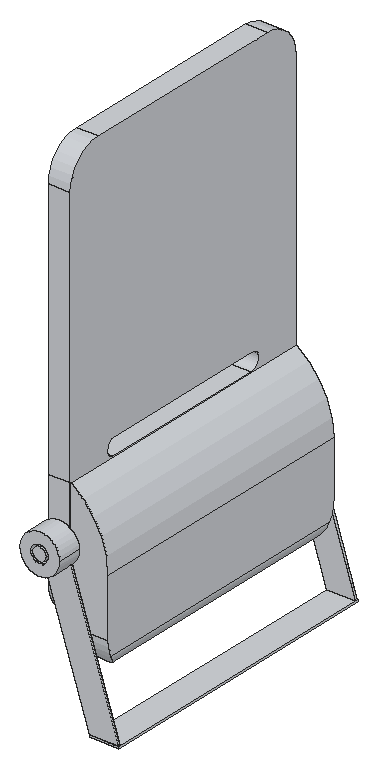
Revit family "2824071", category Generic Models, host Face, Revit 2018
Family settings
  Host = Face
  Can host rebar = No
  Round Connector Dimension = Use Diameter
  Part Type = Normal
  OmniClass Number = 23.80.70.00
  OmniClass Title = Lighting
  Cut with Voids When Loaded = No
  Shared = No
  Room Calculation Point = No
Parameters (values of type "Type Name")
  rotation axis = 142.4 mm
  bracket width = 288 mm
  URL = "http://www.sylvania-lighting.com"
  Type Image = <None>
  Type Comments = "n/a"
  Material_3_SYL = none
  Model = ""
  Manufacturer = "Feilo Sylvania"
  Keynote = ""
  Material_2_SYL = none
  Height = 157.859 mm
  Description = ""
  Default Elevation = 1219.2 mm
  Cost = 0
  Material_1_SYL = none
  Bracket Height = 195 mm
  Assembly Code = ""
  Material_4_SYL = none
Reference planes
  plane 1 "Center (Front/Back)": y = 0
  plane 2: z = 0
  plane 3 "Center (Left/Right)": x = 0
  plane 4: x = -16.5
  plane 5: x = 16.5
  plane 6: z = 155
  plane 7: x = -51.5
  plane 8: z = 137
  plane 9 "Rotation Axis": z = 142.4
  plane 10: z = 152.35
  plane 11: z = 195
  plane 12: x = -73.847
  plane 13: y = -187
  plane 14: y = 187
  plane 15: y = -160
  plane 16: y = 169
  plane 17: y = -169
  plane 18: through (-72.693, -4572, 174.07) normal (-0.3105, 0, 0.9506)
  plane 19: through (-63.557, -4572, 193.954) normal (0.9506, 0, 0.3105)
  plane 20: y = 162
  plane 21: z = 65
Forms (mm)
  Extrusion 1, solid, detail levels medium+fine
    sketch origin (0, 0, 0) x (1, 0, 0) y (0, 1, 0)
      loop
        line (-16.5, 169) -> (-16.5, -169) -> (16.5, -169) -> (16.5, 169) -> (-16.5, 169)
    from 0 to 2
  Extrusion 2, solid, detail levels medium+fine
    sketch origin (1524, -349.9, 1220.035) x (1, 0, 0) y (0, 0, 1)
      loop
        line (-1540.496, -1218.035) -> (-1507.966, -1218.035) -> (-1567.674, -1035.217)
        arc (-1567.674, -1035.217) -> (-1587.557, -1026.081) -> (-1596.693, -1045.965) r 15.473
        line (-1596.693, -1045.965) -> (-1540.496, -1218.035)
    from -180.9 to -182.9
  Extrusion 3, solid, detail levels medium+fine
    sketch origin (0, 0, 0.069) x (1, 0, 0) y (0, 0, 1)
      loop
        line (-16.39, 1.931) -> (16.139, 1.931) -> (-43.636, 184.958)
        arc (-43.636, 184.958) -> (-63.457, 193.922) -> (-72.656, 174.21) r 15.474
        line (-72.656, 174.21) -> (-16.39, 1.931)
    from -169 to -167
  Extrusion 4, solid, detail levels medium+fine
    sketch origin (-6.388, 0, 36.204) x (1, 0, 0) y (0, 0, 1)
      loop
        circle (-51.99, 142.374) r 22.5
    from -162 to -187
  Extrusion 5, solid, detail levels medium+fine
    sketch origin (-6.358, 0, 36.195) x (1, 0, 0) y (0, 0, 1)
      loop
        circle (-51.99, 142.374) r 22.5
    from 160 to 187
  Extrusion 6, void
    sketch origin (-6.256, 0, 44.074) x (1, 0, 0) y (0, 0, 1)
      loop
        circle (-52.373, 134.652) r 10
    from 169 to 187
  Extrusion 7, solid, detail levels fine
    sketch origin (-6.561, 0, 36.201) x (1, 0, 0) y (0, 0, 1)
      loop
        circle (-51.99, 142.374) r 7.5
    from 169 to 187
  Extrusion 8, void
    sketch origin (1517.357, -324.9, 1255.472) x (1, 0, 0) y (0, 0, 1)
      loop
        circle (-1575.99, -1076.826) r 10
    from -511.9 to -493.9
  Extrusion 9, solid, detail levels fine
    sketch origin (1517.42, -324.9, 1255.374) x (1, 0, 0) y (0, 0, 1)
      loop
        circle (-1575.99, -1076.826) r 7.5
    from -511.9 to -493.9
  Revolve 10, solid, not visible, detail levels coarse
    sketch origin (-58.257, 1528.788, 1255.151) x (0, 1, 0) y (0, 0, 1)
      loop
        line (-1362.428, -1054.349) -> (-1379.437, -1054.349) -> (-1379.437, -1074.349) -> (-1362.428, -1074.349) -> (-1362.428, -1054.349)
      axis (-1362.428, -1076.8) -> (-1379.437, -1076.8)
    angle from 0 to 180
Cuts and joins
  Extrusion 6 cuts Extrusion 5
  Extrusion 8 cuts Extrusion 4
Dimensions and locks
  "Bracket Height": plane 11 to level
  plane 17 to plane 16 = 338 mm
  equal spacing: plane 17, plane 1 "Center (Front/Back)", plane 16
  plane 13 to cut or joined group of Extrusion 5, Extrusion 6 = 18 mm
  aligned and locked: plane 2 to host face
  aligned and locked: level to host face
Automatic sketch dimensions
  host sketch curve to host sketch curve = 2438.4 mm  (x2)
  Extrusion 1 sketch curve to plane 4 = 0 mm
  Extrusion 1 sketch curve to plane 5 = 0 mm
  Extrusion 4 sketch curve to plane 9 "Rotation Axis" = 36.178 mm
  Extrusion 5 sketch curve to plane 9 "Rotation Axis" = 36.169 mm
  Extrusion 6 sketch curve to plane 9 "Rotation Axis" = 36.326 mm
  Extrusion 7 sketch curve to plane 9 "Rotation Axis" = 36.175 mm
  Extrusion 8 sketch curve to plane 9 "Rotation Axis" = 36.246 mm
  Extrusion 9 sketch curve to plane 9 "Rotation Axis" = 36.148 mm
  Revolve 10 sketch curve to plane 9 "Rotation Axis" = 35.951 mm
  Revolve 10 sketch curve to Revolve 10 sketch curve = 17.009 mm
  Revolve 10 sketch curve to plane 9 "Rotation Axis" = 38.402 mm
  plane 6 to Revolve 10 sketch curve = 45.802 mm
  Revolve 10 sketch curve to Revolve 10 sketch curve = 62.43 mm
  Revolve 10 sketch curve to Revolve 10 sketch curve = 22.367 mm
  plane 12 to Extrusion 2 sketch curve = 1.154 mm
  plane 7 to Extrusion 2 sketch curve = 6.684 mm
  Extrusion 2 sketch curve to plane 7 = 7.826 mm
  plane 4 to Extrusion 2 sketch curve = 0.004 mm
  level to Extrusion 2 sketch curve = 2 mm
  plane 6 to Extrusion 2 sketch curve = 19.07 mm
  Extrusion 2 sketch curve to Extrusion 2 sketch curve = 5.374 mm
  Extrusion 2 sketch curve to plane 5 = 0.466 mm
  plane 12 to Extrusion 3 sketch curve = 1.191 mm
  plane 7 to Extrusion 3 sketch curve = 6.582 mm
  Extrusion 3 sketch curve to plane 7 = 7.864 mm
  plane 4 to Extrusion 3 sketch curve = 0.11 mm
  Extrusion 3 sketch curve to plane 5 = 0.361 mm
  level to Extrusion 3 sketch curve = 2 mm
  Extrusion 3 sketch curve to Extrusion 3 sketch curve = 5.202 mm
  Extrusion 3 sketch curve to plane 11 = 9.973 mm
  plane 7 to Extrusion 6 sketch curve = 7.13 mm
  plane 7 to Extrusion 7 sketch curve = 7.051 mm
  plane 7 to Extrusion 9 sketch curve = 7.07 mm
  plane 7 to Extrusion 4 sketch curve = 6.879 mm
  plane 7 to Extrusion 5 sketch curve = 6.848 mm
  plane 7 to Extrusion 8 sketch curve = 7.133 mm
  Extrusion 1 sketch curve to plane 16 = 0 mm
  Revolve 10 sketch curve to plane 20 = 12.649 mm
  Extrusion 1 sketch curve to plane 17 = 0 mm
  radius of Extrusion 4 sketch curve = 22.5 mm
  radius of Extrusion 5 sketch curve = 22.5 mm
  radius of Extrusion 6 sketch curve = 10 mm
  radius of Extrusion 7 sketch curve = 7.5 mm
  radius of Extrusion 8 sketch curve = 10 mm
  radius of Extrusion 9 sketch curve = 7.5 mm
Nested families
  nested 1: "2824071" at (-58.257, -66.124, 317.5) x (0, 1, 0) z (1, 0, 0), type "2824071 RAIDEN IP66 21KLM 840 STREET"
    with built-in parameter 1114216 (empty or 0)
Definition of nested family "2824071"
  Parameters (values of type "2824071 RAIDEN IP66 21KLM 840 STREET")
    height = 60 mm
    Width = 319 mm
    Wattage Comments = "n/a"
    Wattage = 9.2903 W
    built-in parameter 1150110 = 1 (stored number, unit not read)
    URL = "0.95"
    Type Image = (empty or 0)
    Type Comments = "n/a"
    built-in parameter 1114217 = 1 (stored number, unit not read)
    Tilt Angle = -90.00°
    built-in parameter 1150109 = 1 (stored number, unit not read)
    built-in parameter 1150134 = 3
    built-in parameter 1150113 = 1 (stored number, unit not read)
    Photometric Web File = "2824071.IES"
    Material_3_SYL = none
    Model = "Raiden IP66 21KLM 840 Street"
    Manufacturer = ""
    built-in parameter 1150105 = 109.82 (stored number, unit not read)
    Lumens = 1380 lm
    built-in parameter 1150115 = 1 (stored number, unit not read)
    built-in parameter 1150137 = (empty or 0)
    built-in parameter 1150139 = (empty or 0)
    Length = 511 mm
    built-in parameter 1150112 = 1 (stored number, unit not read)
    built-in parameter 1150114 = 1 (stored number, unit not read)
    Lamp = "n/a"
    Keynote = "n/a"
    Material_2_SYL = none
    built-in parameter 1150132 = (empty or 0)
    built-in parameter 1150102 = (empty or 0)
    built-in parameter 1150107 = 3200 (stored number, unit not read)
    built-in parameter 1150138 = (empty or 0)
    built-in parameter 1150106 = 1.0982 (stored number, unit not read)
    Emit from Circle Diameter = 609.6 mm
    Emit Shape Visible in Rendering = no
    built-in parameter 1150104 = 13.8 (stored number, unit not read)
    Dimming Lamp Color Temperature Shift = (empty or 0)
    Description = "Outdoor and indoor floodlight range with in house design, comes complete with 1m flying lead and adjustable bracket, aluminium housing, RAL 9022 - Pearl light grey, clear glass diffuser, IP66, IK08, Class I, 4000K, Non-dimming, 20100lm, 157W, 128lm/W, CRI80, Street beam angle 155*75°, 100000 hrs L80B50 lifespan, 511x319x76mm (LxWxH) dimensions, 6.6kg weight."
    Default Elevation = 1219.2 mm
    Cost = 0
    Color Filter = 16777215
    built-in parameter 1114216 [instance] = (empty or 0)
    Material_1_SYL = none
    built-in parameter 1114218 = 1 (stored number, unit not read)
    built-in parameter 1150133 = 10 (stored number, unit not read)
    Assembly Code = "D5020200"
    Apparent Load = 157 VA
    Material_4_SYL = none
  Reference planes
    plane 1 "Center (Front/Back)": y = 2.5
    plane 2: z = 0.95
    plane 3 "Center (Left/Right)": x = 68.124
    plane 4: z = -14.05
    plane 5: z = 15.95
    plane 6: x = 227.624
    plane 7: z = 0.95
    plane 8: z = 45.95
    plane 9: x = -91.376
    plane 10: y = -253
    plane 11: y = 258
    plane 12: y = 5.117
    plane 13: y = -56
    plane 14: y = -49.461
    plane 15: x = 175.624
    plane 16: x = -39.376
    plane 17: x = 1.624
    plane 18: y = -226
    plane 19: y = 236
    plane 20: y = -76
    plane 21: y = -16
    plane 22: x = -67.376
    plane 23: y = -213
    plane 24: x = -51.376
    plane 25: x = 187.624
    plane 26: x = 227.624
    plane 27: x = 134.624
  Forms (mm)
    Extrusion 1, solid
      sketch origin (26.073, 0, 0.95) x (1, 0, 0) y (0, 1, 0)
        loop
          line (-1219.2, 1219.2) -> (-1219.2, -1219.2) -> (1219.2, -1219.2) -> (1219.2, 1219.2) -> (-1219.2, 1219.2)
      from 0 to -68.017
    Extrusion 2, solid, detail levels medium+fine
      sketch origin (83.124, -34.451, 0.95) x (1, 0, 0) y (0, 1, 0)
        loop
          line (-174.5, 253) -> (-174.5, -151.549)
          arc (-174.5, -151.549) -> (-162.784, -179.833) -> (-134.5, -191.549) r 40
          line (-134.5, -191.549) -> (104.5, -191.549)
          arc (104.5, -191.549) -> (132.784, -179.833) -> (144.5, -151.549) r 40
          line (144.5, -151.549) -> (144.5, 253)
          arc (144.5, 253) -> (132.784, 281.284) -> (104.5, 293) r 40
          line (104.5, 293) -> (-134.5, 293)
          arc (-134.5, 293) -> (-162.784, 281.284) -> (-174.5, 253) r 40
      from -15 to 9.702
    Extrusion 3, solid, detail levels medium+fine
      sketch origin (402.124, 1489.549, 1205.15) x (0, 1, 0) y (0, 0, 1)
        loop
          line (-1644.468, -1151.519) -> (-1728.014, -1151.519)
          arc (-1728.014, -1151.519) -> (-1739.904, -1157.404) -> (-1742.436, -1170.427) r 14.954
          line (-1742.436, -1170.427) -> (-1715.549, -1219.2) -> (-1565.549, -1219.2) -> (-1565.549, -1194.2)
          arc (-1565.549, -1194.2) -> (-1599.607, -1162.873) -> (-1644.468, -1151.519) r 94.303
      from -493.5 to -174.5
    Extrusion 4, void
      sketch origin (81.72, -11.578, 0.95) x (1, 0, 0) y (0, 1, 0)
        loop
          arc (-149.096, 10.578) -> (-144.703, -0.029) -> (-134.096, -4.422) r 15
          line (-134.096, -4.422) -> (106.904, -4.422)
          arc (106.904, -4.422) -> (117.51, -0.029) -> (121.904, 10.578) r 15
          line (121.904, 10.578) -> (121.904, 232.578)
          arc (121.904, 232.578) -> (117.51, 243.184) -> (106.904, 247.578) r 15
          line (106.904, 247.578) -> (-134.096, 247.578)
          arc (-134.096, 247.578) -> (-144.703, 243.184) -> (-149.096, 232.578) r 15
          line (-149.096, 232.578) -> (-149.096, 10.578)
      from -16.268 to -10.594
    Extrusion 5, solid, detail levels fine
      sketch origin (83.124, 0.218, 0.95) x (1, 0, 0) y (0, 1, 0)
        loop
          arc (-135.5, 235.782) -> (-146.107, 231.388) -> (-150.5, 220.782) r 15
          line (-150.5, 220.782) -> (-150.5, -1.218)
          arc (-150.5, -1.218) -> (-146.107, -11.825) -> (-135.5, -16.218) r 15
          line (-135.5, -16.218) -> (105.5, -16.218)
          arc (105.5, -16.218) -> (116.107, -11.825) -> (120.5, -1.218) r 15
          line (120.5, -1.218) -> (120.5, 220.782)
          arc (120.5, 220.782) -> (116.107, 231.388) -> (105.5, 235.782) r 15
          line (105.5, 235.782) -> (-135.5, 235.782)
      from -12.231 to -10.594
    Extrusion 6, void
      sketch origin (59.01, -67.578, 0.95) x (1, 0, 0) y (0, 1, 0)
        loop
          arc (106.512, -8.423) -> (116.512, 1.577) -> (106.512, 11.577) r 10
          line (106.512, 11.577) -> (-88.339, 11.577)
          arc (-88.339, 11.577) -> (-98.339, 1.577) -> (-88.339, -8.423) r 10
          line (-88.339, -8.423) -> (106.512, -8.423)
      from -18.734 to 12.525
    Extrusion 7, void
      sketch origin (68.124, -34.451, 0) x (0, 1, 0) y (0, 0, 1)
        loop
          line (-253.049, 15.95) -> (-253.049, -34.125) -> (-191.549, -30.902) -> (-191.549, 15.95) -> (-253.049, 15.95)
      from 66.5 to 210.265
    Extrusion 8, void
      sketch origin (68.124, -34.451, 0) x (0, 1, 0) y (0, 0, 1)
        loop
          line (-191.549, 15.95) -> (-275.432, 15.95) -> (-275.432, -28.004) -> (-191.549, -28.004) -> (-191.549, 15.95)
      from -190.34 to -66.5
    Extrusion 9, void
      sketch origin (23.624, -126, 0.95) x (1, 0, 0) y (0, 1, 0)
        loop
          line (-115, -60) -> (-115, -100) -> (-75, -100)
          arc (-75, -100) -> (-103.284, -88.284) -> (-115, -60) r 40
      from -22.043 to 15
    Extrusion 10, void
      sketch origin (91.954, 19.065, 0.95) x (1, 0, 0) y (0, 1, 0)
        loop
          line (95.67, -245.065) -> (135.67, -245.065) -> (135.67, -205.065)
          arc (135.67, -205.065) -> (123.954, -233.349) -> (95.67, -245.065) r 40
      from -24.354 to 15
    Extrusion 11, solid, detail levels medium+fine
      sketch origin (1607.216, -359.351, 1205.129) x (1, 0, 0) y (0, 0, 1)
        loop
          circle (-1419.5, -1204.2) r 11
      from -136.15 to -106.464
    Extrusion 12, void
      sketch origin (0, 0, 0.95) x (1, 0, 0) y (0, 1, 0)
        loop
          line (-91.376, -186) -> (-91.376, -226) -> (-51.376, -226)
          arc (-51.376, -226) -> (-79.66, -214.284) -> (-91.376, -186) r 40
      from 0 to 12.525
    Extrusion 13, void
      sketch origin (0, 0, 0.95) x (1, 0, 0) y (0, 1, 0)
        loop
          line (-91.376, -221) -> (-91.376, -261) -> (-51.376, -261)
          arc (-51.376, -261) -> (-79.66, -249.284) -> (-91.376, -221) r 40
      from 0 to 100
    Extrusion 14, void
      sketch origin (0, 0, 0.95) x (1, 0, 0) y (0, 1, 0)
        loop
          arc (227.624, -215.988) -> (215.905, -244.281) -> (187.612, -256) r 40.012
          line (187.612, -256) -> (227.624, -256) -> (227.624, -215.988)
      from 12.525 to 100
    Extrusion 15, solid, detail levels coarse
      sketch origin (0, 0, 0.95) x (1, 0, 0) y (0, 1, 0)
        loop
          line (-91.376, 258.549) -> (-91.376, -252.887) -> (227.624, -252.887) -> (227.624, 258.549) -> (-91.376, 258.549)
      from -15 to 52.681
  Cuts and joins
    Extrusion 4, Extrusion 6, Extrusion 7, Extrusion 8, Extrusion 9, Extrusion 10, Extrusion 12 cuts Extrusion 2
    Extrusion 6, Extrusion 7, Extrusion 8, Extrusion 9, Extrusion 10, Extrusion 12, Extrusion 13, Extrusion 14 cuts Extrusion 3
    Extrusion 14 cuts Extrusion 11
  Dimensions and locks
    "height": plane 4 to plane 8
    "Width": plane 9 to plane 6
    equal spacing: plane 9, plane 3 "Center (Left/Right)", plane 6
    equal spacing: plane 11, plane 1 "Center (Front/Back)", plane 10
    "Length": plane 11 to plane 10
    aligned and locked: plane 2 to Extrusion 1
    aligned and locked: level to Extrusion 1
  Automatic sketch dimensions
    Extrusion 1 sketch curve to Extrusion 1 sketch curve = 2438.4 mm  (x2)
    Extrusion 4 sketch curve to plane 3 "Center (Left/Right)" = 135.5 mm
    Extrusion 4 sketch curve to Extrusion 4 sketch curve = 15 mm  (x3)
    plane 1 "Center (Front/Back)" to Extrusion 4 sketch curve = 18.5 mm
    Extrusion 4 sketch curve to Extrusion 4 sketch curve = 222 mm
    Extrusion 5 sketch curve to plane 3 "Center (Left/Right)" = 135.5 mm
    Extrusion 5 sketch curve to Extrusion 5 sketch curve = 15 mm  (x2)
    plane 1 "Center (Front/Back)" to Extrusion 5 sketch curve = 18.5 mm
    Extrusion 5 sketch curve to Extrusion 5 sketch curve = 222 mm
    Extrusion 7 sketch curve to plane 5 = 0 mm
    Extrusion 7 sketch curve to plane 4 = 16.852 mm
    Extrusion 7 sketch curve to plane 4 = 20.075 mm
    Extrusion 8 sketch curve to plane 5 = 0 mm
    Extrusion 8 sketch curve to plane 4 = 13.954 mm
    Extrusion 8 sketch curve to Extrusion 8 sketch curve = 83.883 mm
    Extrusion 9 sketch curve to plane 3 "Center (Left/Right)" = 159.5 mm
    Extrusion 9 sketch curve to Extrusion 9 sketch curve = 40 mm
    Extrusion 10 sketch curve to plane 6 = 0 mm
    Extrusion 11 sketch curve to level = 0.021 mm
    Extrusion 4 sketch curve to plane 6 = 39 mm  (x2)
    Extrusion 5 sketch curve to plane 6 = 39 mm  (x2)
    Extrusion 5 sketch curve to plane 6 = 24 mm
    Extrusion 10 sketch curve to Extrusion 10 sketch curve = 40 mm
    Extrusion 11 sketch curve to plane 6 = 39.908 mm
    Extrusion 2 sketch curve to plane 9 = 0 mm
    Extrusion 2 sketch curve to plane 6 = 0 mm
    plane 10 to Extrusion 2 sketch curve = 27 mm
    plane 9 to Extrusion 2 sketch curve = 40 mm  (x2)
    Extrusion 2 sketch curve to plane 11 = 39.451 mm  (x2)
    Extrusion 2 sketch curve to plane 6 = 40 mm
    Extrusion 12 sketch curve to plane 9 = 0 mm
    Extrusion 12 sketch curve to plane 18 = 0 mm
    plane 22 to Extrusion 12 sketch curve = 16 mm
    Extrusion 13 sketch curve to plane 9 = 0 mm
    Extrusion 13 sketch curve to plane 24 = 0 mm
    Extrusion 13 sketch curve to plane 23 = 8 mm
    Extrusion 13 sketch curve to plane 10 = 8 mm
    Extrusion 14 sketch curve to plane 25 = 0.012 mm
    Extrusion 14 sketch curve to plane 6 = 0 mm
    Extrusion 14 sketch curve to plane 23 = 2.988 mm
    Extrusion 14 sketch curve to plane 10 = 3 mm
    Extrusion 7 sketch curve to plane 18 = 0 mm
    Extrusion 7 sketch curve to plane 10 = 34.5 mm
    Extrusion 8 sketch curve to plane 18 = 0 mm
    Extrusion 9 sketch curve to plane 18 = 0 mm
    Extrusion 10 sketch curve to plane 18 = 0 mm
    Extrusion 6 sketch curve to plane 13 = 0.001 mm
    Extrusion 6 sketch curve to plane 20 = 0.001 mm
    plane 16 to Extrusion 6 sketch curve = 10.047 mm
    Extrusion 6 sketch curve to plane 15 = 10.102 mm
    Extrusion 3 sketch curve to plane 4 = 0 mm
    Extrusion 3 sketch curve to plane 18 = 0 mm
    Extrusion 3 sketch curve to plane 20 = 0 mm
    plane 10 to Extrusion 3 sketch curve = 14.535 mm
    plane 10 to Extrusion 3 sketch curve = 0.113 mm
    Extrusion 3 sketch curve to plane 4 = 26.622 mm
    Extrusion 3 sketch curve to plane 8 = 11.227 mm
    Extrusion 3 sketch curve to plane 8 = 7.273 mm
    Extrusion 3 sketch curve to plane 5 = 5 mm
    Extrusion 15 sketch curve to plane 9 = 0 mm
    Extrusion 15 sketch curve to plane 6 = 0 mm
    plane 11 to Extrusion 15 sketch curve = 0.549 mm
    plane 10 to Extrusion 15 sketch curve = 0.113 mm
    radius of Extrusion 11 sketch curve = 11 mm
  Connectors
    electrical at (187.716, -252.887, 0.929)
      settings: on Extrusion 11, index 1, voltage 0 V, apparent load 0 VA, apparent load phase1 0 VA, apparent load phase2 0 VA, apparent load phase3 0 VA, power factor 1, load classification none, number of poles 1, system type 31, power factor state 1, is connector primary yes, connector utility no, sub classification motor no, connector description ""
